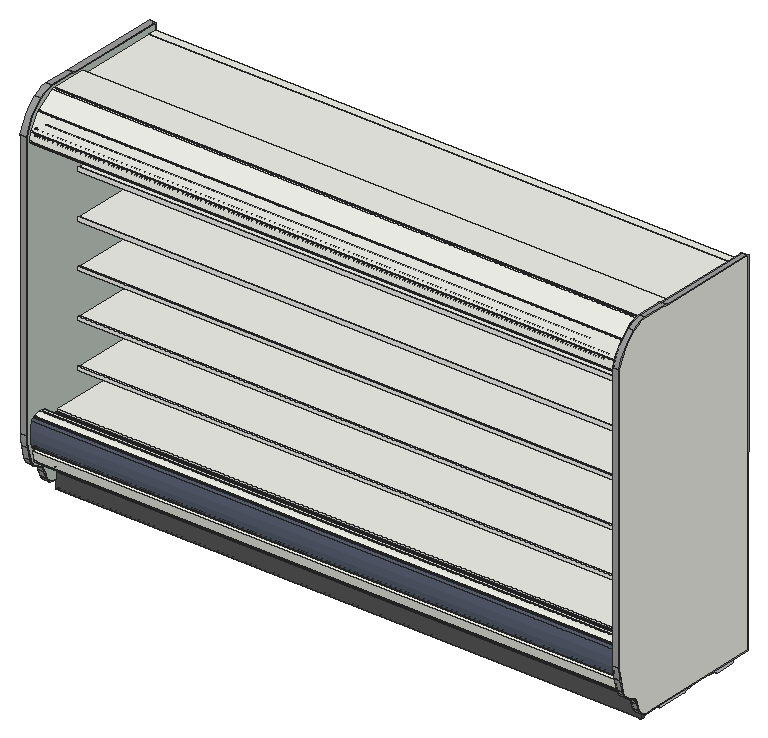
Revit family "ID6NL_2014", category Specialty Equipment, Revit 2014 (continued)
Automatic sketch dimensions
  Extrusion 13 sketch curve to Extrusion 13 sketch curve = 1.03416"
  Extrusion 13 sketch curve to Extrusion 13 sketch curve = 2.36088"
  Extrusion 13 sketch curve to Extrusion 13 sketch curve = 6.50017"
  Extrusion 13 sketch curve to Extrusion 13 sketch curve = 7.70772"
  Extrusion 13 sketch curve to plane 1 "Back" = 0.23467"
  Extrusion 13 sketch curve to Extrusion 13 sketch curve = 1.87939"
  level to Extrusion 14 sketch curve = 1.90797"
  Extrusion 14 sketch curve to Extrusion 14 sketch curve = 0.18999"  (x2)
  plane 5 "Front" to Extrusion 14 sketch curve = 2.00183"
  level to Extrusion 14 sketch curve = 4.5427"
  Extrusion 14 sketch curve to Extrusion 14 sketch curve = 3 1/128"
  plane 5 "Front" to Extrusion 14 sketch curve = 3.27544"
  Extrusion 14 sketch curve to Extrusion 14 sketch curve = 2.45092"
  plane 5 "Front" to Extrusion 14 sketch curve = 2.00677"
  Extrusion 14 sketch curve to Extrusion 14 sketch curve = 0.65926"
  level to Extrusion 14 sketch curve = 8.22719"
  plane 5 "Front" to Extrusion 14 sketch curve = 0.37213"
  Extrusion 14 sketch curve to Extrusion 14 sketch curve = 2.03521"
  Extrusion 14 sketch curve to Extrusion 14 sketch curve = 2.87328"
  Extrusion 14 sketch curve to plane 5 "Front" = 0.44033"
  Extrusion 14 sketch curve to Extrusion 14 sketch curve = 3.03215"
  Extrusion 14 sketch curve to plane 5 "Front" = 0.80622"
  Extrusion 14 sketch curve to Extrusion 14 sketch curve = 2.77926"
  plane 3 "Top" to Extrusion 14 sketch curve = 10.46114"
  plane 3 "Top" to Extrusion 14 sketch curve = 7.63941"
  Extrusion 14 sketch curve to Extrusion 14 sketch curve = 3.25788"
  Extrusion 14 sketch curve to plane 3 "Top" = 0.23799"
  plane 5 "Front" to Extrusion 14 sketch curve = 7.13736"
  Extrusion 14 sketch curve to Extrusion 14 sketch curve = 6.043"
  Extrusion 14 sketch curve to Extrusion 14 sketch curve = 1.08205"
  Extrusion 14 sketch curve to Extrusion 14 sketch curve = 1.03416"
  Extrusion 14 sketch curve to Extrusion 14 sketch curve = 2.36088"
  Extrusion 14 sketch curve to Extrusion 14 sketch curve = 6.50017"
  Extrusion 14 sketch curve to Extrusion 14 sketch curve = 7.70772"
  Extrusion 14 sketch curve to plane 1 "Back" = 0.23467"
  Extrusion 14 sketch curve to Extrusion 14 sketch curve = 1.87939"
  level to Sweep 15 sketch curve = 1.90797"
  Sweep 15 sketch curve to Sweep 15 sketch curve = 0.18999"  (x2)
  plane 5 "Front" to Sweep 15 sketch curve = 2.00183"
  level to Sweep 15 sketch curve = 4.5427"
  Sweep 15 sketch curve to Sweep 15 sketch curve = 3 1/128"
  plane 5 "Front" to Sweep 15 sketch curve = 3.27544"
  Sweep 15 sketch curve to Sweep 15 sketch curve = 2.45092"
  plane 5 "Front" to Sweep 15 sketch curve = 2.00677"
  Sweep 15 sketch curve to Sweep 15 sketch curve = 0.65926"
  level to Sweep 15 sketch curve = 8.22719"
  plane 5 "Front" to Sweep 15 sketch curve = 0.37213"
  Sweep 15 sketch curve to Sweep 15 sketch curve = 2.03521"
  Sweep 15 sketch curve to Sweep 15 sketch curve = 2.87328"
  Sweep 15 sketch curve to plane 5 "Front" = 0.44033"
  Sweep 15 sketch curve to Sweep 15 sketch curve = 3.03215"
  Sweep 15 sketch curve to plane 5 "Front" = 0.80622"
  Sweep 15 sketch curve to Sweep 15 sketch curve = 2.77926"
  plane 3 "Top" to Sweep 15 sketch curve = 10.46114"
  plane 3 "Top" to Sweep 15 sketch curve = 7.63941"
  Sweep 15 sketch curve to Sweep 15 sketch curve = 3.25788"
  Sweep 15 sketch curve to plane 3 "Top" = 0.23799"
  plane 5 "Front" to Sweep 15 sketch curve = 7.13736"
  Sweep 15 sketch curve to Sweep 15 sketch curve = 6.043"
  Sweep 15 sketch curve to Sweep 15 sketch curve = 1.08205"
  Sweep 15 sketch curve to Sweep 15 sketch curve = 1.03416"
  Sweep 15 sketch curve to Sweep 15 sketch curve = 2.36088"
  Sweep 15 sketch curve to Sweep 15 sketch curve = 6.50017"
  Sweep 15 sketch curve to Sweep 15 sketch curve = 7.70772"
  Sweep 15 sketch curve to plane 1 "Back" = 0.23467"
  Sweep 15 sketch curve to Sweep 15 sketch curve = 1.87939"
  Sweep 15 sketch curve to profile plane = 0"
  profile plane to Sweep 15 sketch curve = 1/16"
  Extrusion 1 sketch curve to Extrusion 1 sketch curve = 0"  (x2)
  Extrusion 2 sketch curve to Extrusion 2 sketch curve = 0"
  Extrusion 3 sketch curve to Extrusion 3 sketch curve = 0"
  curve 2 to plane 5 "Front" = 0"
  plane 1 "Back" to curve 2 = 0"
  plane 1 "Back" to curve 1 = 0"
  curve 14 to level = 0"
  plane 5 "Front" to Extrusion 4 sketch curve = 1.06097"
  Extrusion 4 sketch curve to Extrusion 4 sketch curve = 0.11271"
  Extrusion 4 sketch curve to Extrusion 4 sketch curve = 0.25337"
  Extrusion 4 sketch curve to Extrusion 4 sketch curve = 0.03345"
  Extrusion 4 sketch curve to Extrusion 4 sketch curve = 0.04273"
  Extrusion 4 sketch curve to Extrusion 4 sketch curve = 0.04647"
  Extrusion 4 sketch curve to Extrusion 4 sketch curve = 0.19099"
  Extrusion 4 sketch curve to Extrusion 4 sketch curve = 0.11707"
  Extrusion 4 sketch curve to Extrusion 4 sketch curve = 0.39"
  Extrusion 4 sketch curve to Extrusion 4 sketch curve = 0.41566"
  Extrusion 4 sketch curve to Extrusion 4 sketch curve = 0.07603"
  Extrusion 4 sketch curve to Extrusion 4 sketch curve = 0.10509"
  Extrusion 4 sketch curve to Extrusion 4 sketch curve = 0.60728"
  Extrusion 4 sketch curve to Extrusion 4 sketch curve = 0.37865"
  Extrusion 4 sketch curve to Extrusion 4 sketch curve = 0"  (x2)
  plane 5 "Front" to Extrusion 4 sketch curve = 0.44691"
  Extrusion 4 sketch curve to Extrusion 4 sketch curve = 0.22444"
  Extrusion 4 sketch curve to Extrusion 4 sketch curve = 0.86743"
  Extrusion 4 sketch curve to plane 11 = 11.7698"
  Extrusion 4 sketch curve to Extrusion 4 sketch curve = 2.24577"
  Extrusion 4 sketch curve to Extrusion 4 sketch curve = 0.5616"
  Extrusion 4 sketch curve to Extrusion 4 sketch curve = 7.86402"
  Extrusion 9 sketch curve to plane 1 "Back" = 0"
  plane 1 "Back" to Extrusion 9 sketch curve = 1.99786"
  Extrusion 9 sketch curve to Extrusion 9 sketch curve = 0.09943"
  plane 1 "Back" to Extrusion 9 sketch curve = 6.54791"
  Extrusion 9 sketch curve to Extrusion 9 sketch curve = 0.00069"
  Extrusion 9 sketch curve to Extrusion 9 sketch curve = 1.06975"
  Extrusion 9 sketch curve to Extrusion 9 sketch curve = 0.48706"
  Extrusion 9 sketch curve to Extrusion 9 sketch curve = 0.28991"  (x2)
  Extrusion 9 sketch curve to Extrusion 9 sketch curve = 0.12496"  (x5)
  plane 1 "Back" to Extrusion 9 sketch curve = 8.75359"
  Extrusion 9 sketch curve to Extrusion 9 sketch curve = 2.96602"
  Extrusion 9 sketch curve to Extrusion 9 sketch curve = 0.23924"
  Extrusion 9 sketch curve to Extrusion 9 sketch curve = 0.41294"
  Extrusion 9 sketch curve to Extrusion 9 sketch curve = 6.79091"
  Extrusion 9 sketch curve to plane 11 = 8.62857"
  Extrusion 9 sketch curve to Extrusion 9 sketch curve = 1.73595"
  plane 3 "Top" to Extrusion 9 sketch curve = 0.12005"
  plane 5 "Front" to Extrusion 9 sketch curve = 16.22892"
  plane 3 "Top" to Extrusion 9 sketch curve = 4.18374"
  Extrusion 9 sketch curve to Extrusion 9 sketch curve = 2.92056"
  plane 3 "Top" to Extrusion 9 sketch curve = 5.86818"
  Extrusion 9 sketch curve to Extrusion 9 sketch curve = 0.0147"
  Extrusion 9 sketch curve to Extrusion 9 sketch curve = 1.24916"
  plane 5 "Front" to Extrusion 9 sketch curve = 8 1/2"
  Extrusion 9 sketch curve to Extrusion 9 sketch curve = 3.62689"
  plane 3 "Top" to Extrusion 9 sketch curve = 3.60558"
  Extrusion 9 sketch curve to Extrusion 9 sketch curve = 0.03928"
  Extrusion 9 sketch curve to Extrusion 9 sketch curve = 0.10997"
  Extrusion 9 sketch curve to Extrusion 9 sketch curve = 0.83066"
  Extrusion 9 sketch curve to Extrusion 9 sketch curve = 1.02531"
  Extrusion 9 sketch curve to Extrusion 9 sketch curve = 0.11384"
  Extrusion 9 sketch curve to Extrusion 9 sketch curve = 0.24437"
  Extrusion 9 sketch curve to Extrusion 9 sketch curve = 0.04406"
  Extrusion 9 sketch curve to Extrusion 9 sketch curve = 0.0236"  (x2)
  Extrusion 9 sketch curve to Extrusion 9 sketch curve = 0.10114"
  plane 3 "Top" to Extrusion 9 sketch curve = 0.20318"
  Extrusion 9 sketch curve to Extrusion 9 sketch curve = 0.27608"
  plane 5 "Front" to Extrusion 9 sketch curve = 6.60093"
  Extrusion 9 sketch curve to Extrusion 9 sketch curve = 2.60127"
  Extrusion 9 sketch curve to Extrusion 9 sketch curve = 1.06233"
  Extrusion 9 sketch curve to Extrusion 9 sketch curve = 0.25591"
  Extrusion 9 sketch curve to Extrusion 9 sketch curve = 0.08032"
  Extrusion 9 sketch curve to Extrusion 9 sketch curve = 1.15407"
  Extrusion 9 sketch curve to Extrusion 9 sketch curve = 0.11053"
  Extrusion 9 sketch curve to Extrusion 9 sketch curve = 0.15808"
  Extrusion 9 sketch curve to Extrusion 9 sketch curve = 0"  (x5)
  Extrusion 9 sketch curve to Extrusion 9 sketch curve = 0.02062"
  Extrusion 9 sketch curve to Extrusion 9 sketch curve = 0.05035"
  Extrusion 9 sketch curve to Extrusion 9 sketch curve = 0.5626"
  Extrusion 9 sketch curve to Extrusion 9 sketch curve = 0.92885"
  Extrusion 9 sketch curve to Extrusion 9 sketch curve = 0.03986"
  Extrusion 9 sketch curve to Extrusion 9 sketch curve = 0.01049"  (x2)
  Extrusion 9 sketch curve to Extrusion 9 sketch curve = 0.63304"
  Extrusion 9 sketch curve to Extrusion 9 sketch curve = 0.91399"
  Extrusion 9 sketch curve to Extrusion 9 sketch curve = 0.12194"
  Extrusion 9 sketch curve to Extrusion 9 sketch curve = 2.5371"
  plane 5 "Front" to Extrusion 9 sketch curve = 2.65027"
  Extrusion 9 sketch curve to Extrusion 9 sketch curve = 0.02649"
  Extrusion 9 sketch curve to Extrusion 9 sketch curve = 0.08899"
  Extrusion 9 sketch curve to Extrusion 9 sketch curve = 0.00595"
  Extrusion 9 sketch curve to Extrusion 9 sketch curve = 0.14678"
  Extrusion 9 sketch curve to Extrusion 9 sketch curve = 1.50803"
  Extrusion 9 sketch curve to Extrusion 9 sketch curve = 0.43737"
  Extrusion 9 sketch curve to Extrusion 9 sketch curve = 0.06247"  (x2)
  Extrusion 9 sketch curve to Extrusion 9 sketch curve = 1/16"  (x3)
  plane 5 "Front" to Extrusion 9 sketch curve = 1.57028"
  Extrusion 9 sketch curve to Extrusion 9 sketch curve = 0.25051"
  plane 5 "Front" to Extrusion 9 sketch curve = 1.50534"
  Extrusion 9 sketch curve to Extrusion 9 sketch curve = 0.07553"
  Extrusion 9 sketch curve to Extrusion 9 sketch curve = 0.06207"
  Extrusion 9 sketch curve to Extrusion 9 sketch curve = 0.07892"
  Extrusion 9 sketch curve to Extrusion 9 sketch curve = 0.04253"
  Extrusion 9 sketch curve to Extrusion 9 sketch curve = 0.14277"
  Extrusion 9 sketch curve to Extrusion 9 sketch curve = 0.0782"
  Extrusion 9 sketch curve to Extrusion 9 sketch curve = 0.04117"
  Extrusion 9 sketch curve to Extrusion 9 sketch curve = 0.1844"
  Extrusion 9 sketch curve to Extrusion 9 sketch curve = 0.04004"
  Extrusion 9 sketch curve to Extrusion 9 sketch curve = 0.04946"
  Extrusion 9 sketch curve to Extrusion 9 sketch curve = 0.04998"
  Extrusion 9 sketch curve to Extrusion 9 sketch curve = 0.1058"
  Extrusion 9 sketch curve to Extrusion 9 sketch curve = 0.03757"  (x2)
  Extrusion 9 sketch curve to Extrusion 9 sketch curve = 0.10638"
  Extrusion 9 sketch curve to Extrusion 9 sketch curve = 0.03407"  (x2)
  Extrusion 9 sketch curve to Extrusion 9 sketch curve = 0.11431"
  Extrusion 9 sketch curve to Extrusion 9 sketch curve = 0.03433"
  Extrusion 9 sketch curve to Extrusion 9 sketch curve = 0.38812"
  Extrusion 9 sketch curve to Extrusion 9 sketch curve = 0.05107"
  Extrusion 9 sketch curve to Extrusion 9 sketch curve = 0.169"
  Extrusion 9 sketch curve to Extrusion 9 sketch curve = 67/128"
  Extrusion 9 sketch curve to Extrusion 9 sketch curve = 0.13654"
  Extrusion 9 sketch curve to Extrusion 9 sketch curve = 0.47025"
  Extrusion 9 sketch curve to Extrusion 9 sketch curve = 0.01069"
  Extrusion 9 sketch curve to Extrusion 9 sketch curve = 0.08458"  (x2)
  plane 5 "Front" to Extrusion 9 sketch curve = 0.5069"
  plane 5 "Front" to Extrusion 9 sketch curve = 0.4215"
  plane 5 "Front" to Extrusion 9 sketch curve = 0.2895"
  Extrusion 9 sketch curve to Extrusion 9 sketch curve = 0.17625"
  Extrusion 9 sketch curve to Extrusion 9 sketch curve = 0.02626"
  Extrusion 9 sketch curve to Extrusion 9 sketch curve = 0.09358"  (x3)
  Extrusion 9 sketch curve to plane 5 "Front" = 0.08748"
  Extrusion 9 sketch curve to Extrusion 9 sketch curve = 0.02841"
  Extrusion 9 sketch curve to Extrusion 9 sketch curve = 2.59172"
  Extrusion 9 sketch curve to plane 11 = 8.67663"
  Extrusion 9 sketch curve to plane 11 = 10.6736"
  Extrusion 9 sketch curve to Extrusion 9 sketch curve = 0.18732"
  Extrusion 9 sketch curve to Extrusion 9 sketch curve = 0.00967"
  Extrusion 9 sketch curve to Extrusion 9 sketch curve = 0.40753"
  Extrusion 9 sketch curve to Extrusion 9 sketch curve = 0.38497"
  Extrusion 9 sketch curve to Extrusion 9 sketch curve = 0.04383"
  Extrusion 9 sketch curve to Extrusion 9 sketch curve = 0.26265"
  Extrusion 9 sketch curve to Extrusion 9 sketch curve = 0.31163"
  Extrusion 9 sketch curve to Extrusion 9 sketch curve = 0.05841"
  Extrusion 9 sketch curve to Extrusion 9 sketch curve = 0.13665"
  Extrusion 9 sketch curve to Extrusion 9 sketch curve = 0.03296"
  Extrusion 9 sketch curve to Extrusion 9 sketch curve = 5.10863"
  Extrusion 9 sketch curve to Extrusion 9 sketch curve = 2.44443"
  Extrusion 9 sketch curve to Extrusion 9 sketch curve = 0.0416"
  Extrusion 9 sketch curve to Extrusion 9 sketch curve = 0.44472"
  level to Extrusion 9 sketch curve = 5.52638"
  Extrusion 9 sketch curve to Extrusion 9 sketch curve = 0.39928"
  Extrusion 9 sketch curve to Extrusion 9 sketch curve = 0.24992"
  Extrusion 9 sketch curve to Extrusion 9 sketch curve = 0.15995"
  Extrusion 9 sketch curve to Extrusion 9 sketch curve = 3.54749"
  Extrusion 9 sketch curve to Extrusion 9 sketch curve = 0.7241"
  Extrusion 9 sketch curve to Extrusion 9 sketch curve = 1.00012"
  Extrusion 9 sketch curve to Extrusion 9 sketch curve = 1.06415"
  Extrusion 9 sketch curve to Extrusion 9 sketch curve = 0.92085"
  Extrusion 9 sketch curve to Extrusion 9 sketch curve = 0.01203"
  Extrusion 9 sketch curve to Extrusion 9 sketch curve = 2.17546"
  Extrusion 9 sketch curve to Extrusion 9 sketch curve = 0.37865"
  Extrusion 9 sketch curve to Extrusion 9 sketch curve = 0.0641"
  Extrusion 9 sketch curve to Extrusion 9 sketch curve = 0.00727"
  Extrusion 9 sketch curve to Extrusion 9 sketch curve = 0.90904"
  Extrusion 9 sketch curve to Extrusion 9 sketch curve = 0.05145"
  Extrusion 9 sketch curve to Extrusion 9 sketch curve = 0.13468"
  Extrusion 9 sketch curve to Extrusion 9 sketch curve = 0.02083"
  Extrusion 9 sketch curve to Extrusion 9 sketch curve = 0.07122"
  plane 3 "Top" to Extrusion 9 sketch curve = 9.42589"
  Extrusion 9 sketch curve to Extrusion 9 sketch curve = 0.16747"
  Extrusion 9 sketch curve to Extrusion 9 sketch curve = 0.03298"
  Extrusion 9 sketch curve to Extrusion 9 sketch curve = 0.04215"
  Extrusion 9 sketch curve to Extrusion 9 sketch curve = 0.12555"
  Extrusion 9 sketch curve to Extrusion 9 sketch curve = 0.42605"
  Extrusion 9 sketch curve to Extrusion 9 sketch curve = 0.0828"
  Extrusion 9 sketch curve to Extrusion 9 sketch curve = 0.47365"
  Extrusion 9 sketch curve to Extrusion 9 sketch curve = 0.38179"
  Extrusion 9 sketch curve to Extrusion 9 sketch curve = 0.04661"
  Extrusion 9 sketch curve to Extrusion 9 sketch curve = 0.21955"
  Extrusion 9 sketch curve to Extrusion 9 sketch curve = 0.50364"
  Extrusion 9 sketch curve to Extrusion 9 sketch curve = 0.28134"
  Extrusion 9 sketch curve to Extrusion 9 sketch curve = 0.04648"
  Extrusion 9 sketch curve to Extrusion 9 sketch curve = 0.1387"
  Extrusion 9 sketch curve to Extrusion 9 sketch curve = 0.17663"
  Extrusion 9 sketch curve to Extrusion 9 sketch curve = 0.16246"
  Extrusion 9 sketch curve to Extrusion 9 sketch curve = 0.04493"
  Extrusion 9 sketch curve to Extrusion 9 sketch curve = 0.21669"
  Extrusion 9 sketch curve to Extrusion 9 sketch curve = 0.24947"
  Extrusion 9 sketch curve to Extrusion 9 sketch curve = 0.27443"
  Extrusion 9 sketch curve to Extrusion 9 sketch curve = 0.00008"
  Extrusion 9 sketch curve to Extrusion 9 sketch curve = 0.77611"
  Extrusion 9 sketch curve to Extrusion 9 sketch curve = 0.28213"
  Extrusion 9 sketch curve to Extrusion 9 sketch curve = 0.01213"
  Extrusion 9 sketch curve to Extrusion 9 sketch curve = 3.26984"
  Extrusion 9 sketch curve to Extrusion 9 sketch curve = 0.05994"
  Extrusion 9 sketch curve to Extrusion 9 sketch curve = 0.0911"
  Extrusion 9 sketch curve to Extrusion 9 sketch curve = 0.00974"
  Extrusion 9 sketch curve to Extrusion 9 sketch curve = 0.04"
  Extrusion 9 sketch curve to Extrusion 9 sketch curve = 1.47242"
  plane 3 "Top" to Extrusion 9 sketch curve = 1.24239"
  Extrusion 9 sketch curve to Extrusion 9 sketch curve = 1.10489"
  level to Extrusion 9 sketch curve = 5.48308"
  Extrusion 9 sketch curve to Extrusion 9 sketch curve = 0.00345"  (x2)
  Extrusion 9 sketch curve to Extrusion 9 sketch curve = 0.00109"  (x2)
  Extrusion 9 sketch curve to Extrusion 9 sketch curve = 0.05098"
  Extrusion 9 sketch curve to Extrusion 9 sketch curve = 0.00172"
  Extrusion 9 sketch curve to Extrusion 9 sketch curve = 0.00559"
  Extrusion 9 sketch curve to Extrusion 9 sketch curve = 0.02095"
  Extrusion 9 sketch curve to Extrusion 9 sketch curve = 0.10668"
  Extrusion 9 sketch curve to Extrusion 9 sketch curve = 0.0442"
  Extrusion 9 sketch curve to Extrusion 9 sketch curve = 0.06198"
  Extrusion 9 sketch curve to Extrusion 9 sketch curve = 0.04382"
  Extrusion 9 sketch curve to Extrusion 9 sketch curve = 0.01343"
  Extrusion 9 sketch curve to Extrusion 9 sketch curve = 0.02373"
  Extrusion 9 sketch curve to Extrusion 9 sketch curve = 0.02374"
  Extrusion 9 sketch curve to Extrusion 9 sketch curve = 0.23297"
  plane 5 "Front" to Extrusion 6 sketch curve = 8.05013"
  plane 5 "Front" to Extrusion 16 sketch curve = 7.51191"
  Extrusion 16 sketch curve to Extrusion 16 sketch curve = 0.02497"
  Extrusion 16 sketch curve to Extrusion 16 sketch curve = 0.03495"  (x2)
  Extrusion 16 sketch curve to Extrusion 16 sketch curve = 0.01498"  (x2)
  level to Extrusion 16 sketch curve = 4.57538"
  Extrusion 16 sketch curve to Extrusion 16 sketch curve = 0.00999"
  Extrusion 16 sketch curve to Extrusion 16 sketch curve = 0.00865"  (x2)
  Extrusion 16 sketch curve to Extrusion 16 sketch curve = 0.58691"
  Extrusion 16 sketch curve to Extrusion 16 sketch curve = 0.65722"
  Extrusion 16 sketch curve to Extrusion 16 sketch curve = 0.9866"
  level to Extrusion 16 sketch curve = 2.13814"
Nested families (in)
  nested 1: "Floor Support-Skid-ID5ML" at (16.91797, 0, 0), visible <- "Supports", type "Floor Support-Skid"
  nested 2: "Floor Support-Skid-ID5ML" at (-31.08203, 0, 0), visible <- "Supports", type "Floor Support-Skid"
  nested 3: "Floor Support-Side Skid-ID5ML" at (-79.33203, 0, 0), type "Floor Support-Side Skid"
  nested 4: "Floor Support-Side Skid-ID5ML" at (69.21806, 0, 0) x (-1, 0, 0) z (0, 0, 1), type "Floor Support-Side Skid"
  nested 5: "Shelf" at (0, -7.90747, 19.25), visible <- "Shelf", type "Shelf"
    with Width 144 1/2", Depth 16"
  nested 6: "Shelf" at (0, -7.90747, 63.25), visible <- "Shelf", type "Shelf"
    with Width 144 1/2", Depth 16"
  nested 7: "Shelf" at (0, -7.90747, 30.25), visible <- "Shelf", type "Shelf"
    with Width 144 1/2", Depth 16"
  nested 8: "Shelf" at (0, -7.90747, 41.25), visible <- "Shelf", type "Shelf"
    with Width 144 1/2", Depth 16"
  nested 9: "Floor Support-Skid-ID5ML" at (-7.08203, 0, 0), visible <- "Center Support 2", type "Floor Support-Skid"
  nested 10: "Light" at (-5.05699, -21.22867, 29.1497), type "Light"
  nested 11: "Light" at (-5.05699, -14.29946, 15.25), visible <- "Shelf Lights", type "Light"
  nested 12: "Light" at (-5.05699, -14.29946, -6.75), visible <- "Shelf Lights", type "Light"
  nested 13: "Light" at (-5.05699, -14.29946, -17.75), visible <- "Shelf Lights", type "Light"
  nested 14: "Light" at (-5.05699, -14.29946, -28.75), visible <- "Shelf Lights", type "Light"
  nested 15: "Floor Support-Skid-ID5ML" at (-7.08203, 0, 0), visible <- "Center Support 1", type "Floor Support-Skid"
  nested 16: "Shelf" at (0, -7.90747, 52.25), visible <- "Shelf", type "Shelf"
    with Width 144 1/2", Depth 16"
  nested 17: "Light" at (-5.05699, -14.29946, 4.25), visible <- "Shelf Lights", type "Light"
Connectors (in)
  piping at (-4.80699, -28.63243, 0), diameter 1.25, driven by "Waste Drain"
    settings: on Extrusion 1, index 8, connector inside diameter 1 1/4", connector length 0", flow factor 0, pipe flow 0 GPM, pressure drop 0.00 psi, fitting loss kfactor 0, connector angle 0.00°, fixture units 0, engagement length 0", angle of deflection 0.00°, flow configuration 0, flow direction 0, fitting loss method 0, system type 16, joint type 0, gender type 0, connector reference index -1, connector utility 0, adjustable connector no, is connector primary yes, connector description "1 1/4\""
  piping at (57.88875, -23.8707, 0), diameter 0.875, driven by "Refrig. Suction", driven by "Refrigeration Lines Suction"
    settings: on Extrusion 2, index 9, connector inside diameter 7/8", connector length 0", flow factor 0, pipe flow 0 GPM, pressure drop 0.00 psi, fitting loss kfactor 0, connector angle 0.00°, fixture units 0, engagement length 0", angle of deflection 0.00°, flow configuration 0, flow direction 2, fitting loss method 0, system type 22, joint type 0, gender type 0, connector reference index -1, connector utility 0, adjustable connector no, is connector primary no, connector description "Suction"
  piping at (58.51375, -23.8707, 0), diameter 0.375, driven by "Refrig. Liquid", driven by "Refrigeration Lines Liquid"
    settings: on Extrusion 3, index 10, connector inside diameter 3/8", connector length 0", flow factor 0, pipe flow 0 GPM, pressure drop 0.00 psi, fitting loss kfactor 0, connector angle 0.00°, fixture units 0, engagement length 0", angle of deflection 0.00°, flow configuration 0, flow direction 1, fitting loss method 0, system type 22, joint type 0, gender type 0, connector reference index -1, connector utility 0, adjustable connector no, is connector primary no, connector description "Liquid"
Definition of nested family "Floor Support-Skid-ID5ML"
  Parameters (values of type "Floor Support-Skid")
    Width = 8 69/128"
    URL = "www.hussmann.com"
    Type Comments = ""
    Revit Family Date = "11/19/2015"  # constant formula
    Model = ""
    Manufacturer = "Hussmann Corporation"
    Height = 10.26407"
    Floor Support = none
    Description = ""
    Depth = 30 1/8"
    Assembly Code = ""
    Accessories/Options = ""
  Reference planes (in)
    plane 1 "Back": y = 0
    plane 2 "Bottom": z = 0
    plane 3 "Left": x = -2.24449
    plane 4 "Right": x = 6.29458
    plane 5 "Center (Left/Right)": x = 2.02504
    plane 6 "Top": z = 10.07234
    plane 7 "Front": y = -30.125
  Forms (in)
    Extrusion 1, solid, material <- "Floor Support"
      sketch origin (0, 0, 0) x (1, 0, 0) y (0, 1, 0)
        loop
          arc (-1.84856, -24.01209) -> (-1.76638, -24.40887) -> (-1.53436, -24.74108) r 1.0063
          arc (-1.53436, -24.74108) -> (-1.06022, -25.04419) -> (-0.50754, -25.15025) r 1.49298
          line (-0.50754, -25.15025) -> (0.83286, -25.15025) -> (0.83286, -29.96975) -> (0.98811, -29.96975) -> (0.98811, -30.125) -> (3.06198, -30.125) -> (3.06198, -29.96975) -> (3.21723, -29.96975) -> (3.21723, -25.15025) -> (4.55763, -25.15025)
          arc (4.55763, -25.15025) -> (5.1103, -25.04419) -> (5.58445, -24.74108) r 1.49298
          arc (5.58445, -24.74108) -> (5.81647, -24.40887) -> (5.89865, -24.01209) r 1.0063
          line (5.89865, -24.01209) -> (5.89865, -8.43365) -> (6.27216, -0.41124)
          spline (6.27216, -0.41124) -> (6.27201, -0.40316) -> (6.2708, -0.39521) -> (6.26855, -0.38753) -> (6.26531, -0.38026) -> (6.26113, -0.37352) -> (6.25607, -0.36743) -> (6.25023, -0.36209) -> (6.24371, -0.35759) -> (6.23662, -0.354) -> (6.22907, -0.3514) -> (6.2212, -0.34982) -> (6.21314, -0.34929)
          line (6.21314, -0.34929) -> (5.59528, -0.34929)
          spline (5.59528, -0.34929) -> (5.58653, -0.34975) -> (5.57786, -0.34899) -> (5.56944, -0.34701) -> (5.56144, -0.34384) -> (5.55402, -0.33957) -> (5.54733, -0.33426) -> (5.54149, -0.32802) -> (5.53664, -0.32099) -> (5.53285, -0.31329) -> (5.53021, -0.30508) -> (5.52877, -0.29653) -> (5.52856, -0.28781)
          line (5.52856, -0.28781) -> (5.53324, -0.18715)
          spline (5.53324, -0.18715) -> (5.53278, -0.16271) -> (5.52913, -0.1387) -> (5.52236, -0.11552) -> (5.51259, -0.09356) -> (5.49997, -0.07321) -> (5.48474, -0.0548) -> (5.46713, -0.03866) -> (5.44747, -0.02507) -> (5.42607, -0.01424) -> (5.40332, -0.00638) -> (5.37959, -0.0016) -> (5.3553, 0.00121)
          line (5.3553, 0.00121) -> (-1.30521, 0)
          spline (-1.30521, 0) -> (-1.3295, -0.0016) -> (-1.35323, -0.00638) -> (-1.37598, -0.01424) -> (-1.39738, -0.02507) -> (-1.41704, -0.03866) -> (-1.43465, -0.0548) -> (-1.44988, -0.07321) -> (-1.4625, -0.09356) -> (-1.47227, -0.11552) -> (-1.47904, -0.1387) -> (-1.48269, -0.16271) -> (-1.48315, -0.18715)
          line (-1.48315, -0.18715) -> (-1.47846, -0.28781)
          spline (-1.47846, -0.28781) -> (-1.47861, -0.2959) -> (-1.47982, -0.30386) -> (-1.48207, -0.31153) -> (-1.48531, -0.3188) -> (-1.4895, -0.32554) -> (-1.49456, -0.33163) -> (-1.5004, -0.33698) -> (-1.50692, -0.34148) -> (-1.51402, -0.34506) -> (-1.52157, -0.34766) -> (-1.52944, -0.34924) -> (-1.5375, -0.34976)
          line (-1.5375, -0.34976) -> (-2.15535, -0.34976)
          spline (-2.15535, -0.34976) -> (-2.1641, -0.34929) -> (-2.17277, -0.35006) -> (-2.18119, -0.35204) -> (-2.18919, -0.3552) -> (-2.19661, -0.35948) -> (-2.2033, -0.36479) -> (-2.20914, -0.37103) -> (-2.214, -0.37806) -> (-2.21778, -0.38576) -> (-2.22042, -0.39397) -> (-2.22186, -0.40252) -> (-2.22207, -0.41124)
          line (-2.22207, -0.41124) -> (-1.84856, -8.43365) -> (-1.84856, -24.01209)
      from 0 to 10.07234
    Extrusion 2, void
      sketch origin (2.02504, 0, 0) x (0, 1, 0) y (0, 0, 1)
        loop
          line (-27.08416, 3.5472) -> (-27.13117, 4.08456)
          arc (-27.13117, 4.08456) -> (-27.16151, 4.17154) -> (-27.22961, 4.23357) r 0.18744
          line (-27.22961, 4.23357) -> (-29.46436, 5.42681) -> (-29.7666, 5.42681) -> (-30.125, 5.42681) -> (-30.125, 1.11195) -> (-27.98051, 2.76917) -> (-27.01609, 2.76917) -> (-27.05014, 3.15832) -> (-27.08416, 3.5472)
        loop
          line (-0.26803, 10.07234) -> (-30.125, 10.07234) -> (-30.125, 5.56429) -> (-8.75359, 5.56429) -> (-0.26803, 10.07234)
        loop
          arc (-7.78564, 0.25454) -> (-12.46182, 0.73178) -> (-17.138, 0.25454) r 23.14851
          arc (-17.138, 0.25454) -> (-17.18699, 0.23672) -> (-17.22881, 0.20559) r 0.17979
          line (-17.22881, 0.20559) -> (-17.3429, 0.0915)
          arc (-17.3429, 0.0915) -> (-17.44425, 0.02378) -> (-17.5638, 0) r 0.3124
          line (-17.5638, 0) -> (-7.35983, 0)
          arc (-7.35983, 0) -> (-7.47938, 0.02378) -> (-7.58074, 0.0915) r 0.3124
          line (-7.58074, 0.0915) -> (-7.69482, 0.20559)
          arc (-7.69482, 0.20559) -> (-7.73664, 0.23672) -> (-7.78564, 0.25454) r 0.17979
        loop
          arc (-2.66732, 0.30646) -> (-2.76056, 0.08944) -> (-2.97918, 0) r 0.3119
          line (-2.97918, 0) -> (0, 0) -> (0, 6.57447) -> (-2.54968, 4.02442)
          arc (-2.54968, 4.02442) -> (-2.58978, 3.96496) -> (-2.60469, 3.89481) r 0.18794
          line (-2.60469, 3.89481) -> (-2.60897, 3.6497) -> (-2.6115, 3.50443) -> (-2.61572, 3.26291) -> (-2.61988, 3.02455) -> (-2.66732, 0.30646)
      from -5.0404 to 5.77104
  Cuts and joins
    Extrusion 2 cuts Extrusion 1
  Dimensions and locks (in)
    equal spacing: plane 3 "Left", plane 5 "Center (Left/Right)", plane 4 "Right"
    "Width": plane 3 "Left" to plane 4 "Right"
    "Depth": plane 7 "Front" to plane 1 "Back"
    Extrusion 1 sketch curve to plane 1 "Back" = 30 1/8"
    aligned and locked: Extrusion 1 to plane 6 "Top"
    aligned and locked: Extrusion 1 to level
  Automatic sketch dimensions
    plane 1 "Back" to Extrusion 1 sketch curve = 0"  (x2)
    plane 3 "Left" to Extrusion 1 sketch curve = 0.02241"
    plane 3 "Left" to Extrusion 1 sketch curve = 0.08913"
    plane 3 "Left" to Extrusion 1 sketch curve = 0.39592"
    Extrusion 1 sketch curve to Extrusion 1 sketch curve = 0.61785"
    plane 1 "Back" to Extrusion 1 sketch curve = 0.18715"  (x2)
    Extrusion 1 sketch curve to Extrusion 1 sketch curve = 0.05436"
    Extrusion 1 sketch curve to Extrusion 1 sketch curve = 0.05904"
    Extrusion 1 sketch curve to Extrusion 1 sketch curve = 1.0063"
    Extrusion 1 sketch curve to Extrusion 1 sketch curve = 0.33472"  (x2)
    plane 7 "Front" to Extrusion 1 sketch curve = 0.15525"
    Extrusion 1 sketch curve to plane 5 "Center (Left/Right)" = 1.19219"
    Extrusion 1 sketch curve to Extrusion 1 sketch curve = 0.15525"  (x2)
    plane 5 "Center (Left/Right)" to Extrusion 1 sketch curve = 1.03693"
    plane 5 "Center (Left/Right)" to Extrusion 1 sketch curve = 1.19219"
    Extrusion 1 sketch curve to Extrusion 1 sketch curve = 1.3404"
    plane 1 "Back" to Extrusion 1 sketch curve = 0.28781"
    Extrusion 1 sketch curve to plane 4 "Right" = 0.76602"
    Extrusion 1 sketch curve to Extrusion 1 sketch curve = 0.00468"
    Extrusion 1 sketch curve to Extrusion 1 sketch curve = 0.06672"
    Extrusion 1 sketch curve to plane 4 "Right" = 0.39592"
    Extrusion 1 sketch curve to plane 4 "Right" = 0.08143"
    Extrusion 1 sketch curve to plane 4 "Right" = 0.02241"
    plane 7 "Front" to Extrusion 1 sketch curve = 4.97475"
    Extrusion 1 sketch curve to Extrusion 1 sketch curve = 0"  (x4)
    Extrusion 1 sketch curve to Extrusion 1 sketch curve = 1.13817"  (x2)
    Extrusion 1 sketch curve to Extrusion 1 sketch curve = 0.00152"  (x2)
    Extrusion 1 sketch curve to Extrusion 1 sketch curve = 0.35329"  (x2)
    Extrusion 1 sketch curve to Extrusion 1 sketch curve = 8.2465"
    plane 1 "Back" to Extrusion 1 sketch curve = 0.41124"  (x2)
    Extrusion 1 sketch curve to Extrusion 1 sketch curve = 0.06148"  (x2)
    Extrusion 1 sketch curve to Extrusion 1 sketch curve = 0.06195"  (x3)
    Extrusion 1 sketch curve to Extrusion 1 sketch curve = 0.00477"  (x2)
    Extrusion 1 sketch curve to Extrusion 1 sketch curve = 0.04498"  (x2)
    Extrusion 1 sketch curve to Extrusion 1 sketch curve = 0.10693"
    Extrusion 1 sketch curve to plane 1 "Back" = 0.00121"
    Extrusion 1 sketch curve to Extrusion 1 sketch curve = 0.17794"
    Extrusion 1 sketch curve to Extrusion 1 sketch curve = 0.18684"  (x2)
    Extrusion 1 sketch curve to Extrusion 1 sketch curve = 0.13319"
    Extrusion 1 sketch curve to Extrusion 1 sketch curve = 0.31536"
    Extrusion 1 sketch curve to Extrusion 1 sketch curve = 0.00891"
    Extrusion 1 sketch curve to Extrusion 1 sketch curve = 0.10692"
    plane 7 "Front" to Extrusion 2 sketch curve = 3.04084"
    level to Extrusion 2 sketch curve = 3.5472"
    Extrusion 2 sketch curve to Extrusion 2 sketch curve = 0.04701"
    Extrusion 2 sketch curve to Extrusion 2 sketch curve = 0.03402"
    Extrusion 2 sketch curve to Extrusion 2 sketch curve = 0.38888"
    Extrusion 2 sketch curve to Extrusion 2 sketch curve = 0.53736"
    Extrusion 2 sketch curve to Extrusion 2 sketch curve = 0.03405"
    Extrusion 2 sketch curve to Extrusion 2 sketch curve = 0.38915"
    Extrusion 2 sketch curve to Extrusion 2 sketch curve = 0.18673"
    Extrusion 2 sketch curve to Extrusion 2 sketch curve = 0.01634"
    Extrusion 2 sketch curve to Extrusion 2 sketch curve = 0.09844"
    plane 7 "Front" to Extrusion 2 sketch curve = 0.66064"
    Extrusion 2 sketch curve to Extrusion 2 sketch curve = 1.19324"
    Extrusion 2 sketch curve to Extrusion 2 sketch curve = 0.30224"
    Extrusion 2 sketch curve to Extrusion 2 sketch curve = 0.96442"
    Extrusion 2 sketch curve to plane 7 "Front" = 0"
    level to Extrusion 2 sketch curve = 1.11195"
    plane 6 "Top" to Extrusion 2 sketch curve = 0"
    plane 7 "Front" to Extrusion 2 sketch curve = 0"
    plane 1 "Back" to Extrusion 2 sketch curve = 8.75359"
    plane 1 "Back" to Extrusion 2 sketch curve = 0.26803"
    Extrusion 2 sketch curve to Extrusion 2 sketch curve = 0.13748"
    level to Extrusion 2 sketch curve = 0.3124"  (x2)
    Extrusion 2 sketch curve to Extrusion 2 sketch curve = 9.45229"
    level to Extrusion 2 sketch curve = 0.0915"  (x2)
    plane 1 "Back" to Extrusion 2 sketch curve = 12.46182"
    Extrusion 2 sketch curve to level = 22.41674"
    level to Extrusion 2 sketch curve = 0.20559"
    Extrusion 2 sketch curve to Extrusion 2 sketch curve = 0.11409"  (x2)
    Extrusion 2 sketch curve to Extrusion 2 sketch curve = 0.09081"  (x2)
    level to Extrusion 2 sketch curve = 0.25454"
    Extrusion 2 sketch curve to Extrusion 2 sketch curve = 0.96796"
    level to Extrusion 2 sketch curve = 0.07846"  (x2)
    plane 7 "Front" to Extrusion 2 sketch curve = 12.5612"
    plane 1 "Back" to Extrusion 2 sketch curve = 7.35983"
    Extrusion 2 sketch curve to level = 0"  (x5)
    Extrusion 2 sketch curve to Extrusion 2 sketch curve = 0"
    plane 1 "Back" to Extrusion 2 sketch curve = 2.6115"
    Extrusion 2 sketch curve to Extrusion 2 sketch curve = 0.00254"
    Extrusion 2 sketch curve to Extrusion 2 sketch curve = 0.14527"
    level to Extrusion 2 sketch curve = 0.30646"
    plane 1 "Back" to Extrusion 2 sketch curve = 2.66732"
    Extrusion 2 sketch curve to Extrusion 2 sketch curve = 0.00838"
    Extrusion 2 sketch curve to Extrusion 2 sketch curve = 0.00416"
    Extrusion 2 sketch curve to Extrusion 2 sketch curve = 0.00428"
    Extrusion 2 sketch curve to Extrusion 2 sketch curve = 0.05501"
    Extrusion 2 sketch curve to Extrusion 2 sketch curve = 0.47988"
    Extrusion 2 sketch curve to Extrusion 2 sketch curve = 0.23837"
    Extrusion 2 sketch curve to Extrusion 2 sketch curve = 0.24511"
    Extrusion 2 sketch curve to Extrusion 2 sketch curve = 0.12961"
    Extrusion 2 sketch curve to Extrusion 2 sketch curve = 2.55005"
    Extrusion 2 sketch curve to Extrusion 2 sketch curve = 0.18791"
    level to Extrusion 2 sketch curve = 0.3119"
    plane 7 "Front" to Extrusion 2 sketch curve = 27.14582"
    plane 6 "Top" to Extrusion 2 sketch curve = 3.49787"
    Extrusion 2 sketch curve to plane 1 "Back" = 0"
Definition of nested family "Floor Support-Side Skid-ID5ML"
  Parameters (values of type "Floor Support-Skid")
    Width = 8 69/128"
    URL = "www.hussmann.com"
    Type Comments = ""
    Revit Family Date = "11/19/2015"  # constant formula
    Model = ""
    Manufacturer = "Hussmann Corporation"
    Height = 10.26407"
    Floor Support = none
    Description = ""
    Depth = 30 1/8"
    Assembly Code = ""
    Accessories/Options = ""
  Reference planes (in)
    plane 1 "Back": y = 0
    plane 2 "Bottom": z = 0
    plane 3 "Right": x = 6.29458
    plane 4 "Center (Left/Right)": x = 2.02504
    plane 5 "Top": z = 10.07234
    plane 6 "Front": y = -30.125
  Forms (in)
    Extrusion 1, solid, material <- "Floor Support"
      sketch origin (0, 0, 0) x (1, 0, 0) y (0, 1, 0)
        loop
          line (6.22969, -0.34929) -> (5.59528, -0.34929)
          spline (5.59528, -0.34929) -> (5.58653, -0.34975) -> (5.57786, -0.34899) -> (5.56944, -0.34701) -> (5.56144, -0.34384) -> (5.55402, -0.33957) -> (5.54733, -0.33426) -> (5.54149, -0.32802) -> (5.53664, -0.32099) -> (5.53285, -0.31329) -> (5.53021, -0.30508) -> (5.52877, -0.29653) -> (5.52856, -0.28781)
          line (5.52856, -0.28781) -> (5.53324, -0.18715)
          spline (5.53324, -0.18715) -> (5.53278, -0.16271) -> (5.52913, -0.1387) -> (5.52236, -0.11552) -> (5.51259, -0.09356) -> (5.49997, -0.07321) -> (5.48474, -0.0548) -> (5.46713, -0.03866) -> (5.44747, -0.02507) -> (5.42607, -0.01424) -> (5.40332, -0.00638) -> (5.37959, -0.0016) -> (5.3553, 0)
          line (5.3553, 0) -> (2.02504, 0.00121) -> (2.02504, -25.15025) -> (2.42139, -25.15025) -> (2.42139, -29.96975) -> (2.57664, -29.96975) -> (2.57664, -30.125) -> (4.65051, -30.125) -> (4.65051, -29.96975) -> (4.80576, -29.96975) -> (4.80576, -25.15025) -> (4.41511, -25.15025)
          arc (4.41511, -25.15025) -> (5.47081, -24.71297) -> (5.9081, -23.65726) r 1.49299
          line (5.9081, -23.65726) -> (5.90865, -18.54879)
          spline (5.90865, -18.54879) -> (5.91078, -18.51633) -> (5.91711, -18.48444) -> (5.92755, -18.45365) -> (5.94192, -18.4245) -> (5.95997, -18.39747) -> (5.98139, -18.37304) -> (6.00582, -18.35162) -> (6.03284, -18.33357) -> (6.062, -18.31921) -> (6.09278, -18.30877) -> (6.12468, -18.30243) -> (6.15714, -18.3003)
          line (6.15714, -18.3003) -> (7.46385, -18.3003)
          spline (7.46385, -18.3003) -> (7.52878, -18.29606) -> (7.59257, -18.28338) -> (7.65414, -18.2625) -> (7.71245, -18.23377) -> (7.76649, -18.19767) -> (7.81535, -18.15483) -> (7.8582, -18.10597) -> (7.89429, -18.05192) -> (7.92303, -17.99361) -> (7.94391, -17.93204) -> (7.95658, -17.86825) -> (7.96083, -17.80333)
          line (7.96083, -17.80333) -> (7.96083, -16.80664)
          spline (7.96083, -16.80664) -> (7.95658, -16.74172) -> (7.94391, -16.67793) -> (7.92303, -16.61636) -> (7.89429, -16.55805) -> (7.8582, -16.50401) -> (7.81535, -16.45515) -> (7.76649, -16.4123) -> (7.71245, -16.3762) -> (7.65414, -16.34747) -> (7.59257, -16.32659) -> (7.52878, -16.31391) -> (7.46385, -16.30967)
          line (7.46385, -16.30967) -> (6.15714, -16.30967)
          spline (6.15714, -16.30967) -> (6.12468, -16.30754) -> (6.09278, -16.30121) -> (6.062, -16.29076) -> (6.03284, -16.2764) -> (6.00582, -16.25835) -> (5.98139, -16.23693) -> (5.95997, -16.2125) -> (5.94192, -16.18547) -> (5.92755, -16.15632) -> (5.91711, -16.12553) -> (5.91078, -16.09364) -> (5.90865, -16.06118)
          line (5.90865, -16.06118) -> (5.90865, -6.0446)
          spline (5.90865, -6.0446) -> (5.91078, -6.01214) -> (5.91711, -5.98024) -> (5.92755, -5.94945) -> (5.94192, -5.9203) -> (5.95997, -5.89328) -> (5.98139, -5.86885) -> (6.00582, -5.84743) -> (6.03284, -5.82938) -> (6.062, -5.81501) -> (6.09278, -5.80457) -> (6.12468, -5.79823) -> (6.15714, -5.79611)
          line (6.15714, -5.79611) -> (7.46385, -5.79611)
          spline (7.46385, -5.79611) -> (7.52878, -5.79186) -> (7.59257, -5.77919) -> (7.65414, -5.75831) -> (7.71245, -5.72957) -> (7.76649, -5.69347) -> (7.81535, -5.65063) -> (7.8582, -5.60177) -> (7.89429, -5.54773) -> (7.92303, -5.48942) -> (7.94391, -5.42785) -> (7.95658, -5.36405) -> (7.96083, -5.29913)
          line (7.96083, -5.29913) -> (7.96083, -4.30245)
          spline (7.96083, -4.30245) -> (7.95658, -4.23753) -> (7.94391, -4.17374) -> (7.92303, -4.11216) -> (7.89429, -4.05386) -> (7.8582, -3.99981) -> (7.81535, -3.95095) -> (7.76649, -3.90811) -> (7.71245, -3.87201) -> (7.65414, -3.84327) -> (7.59257, -3.82239) -> (7.52878, -3.80972) -> (7.46385, -3.80547)
          line (7.46385, -3.80547) -> (6.16143, -3.80547)
          arc (6.16143, -3.80547) -> (6.00848, -3.75417) -> (5.91445, -3.62308) r 0.26236
          line (5.91445, -3.62308) -> (6.28209, -0.41269)
          spline (6.28209, -0.41269) -> (6.28198, -0.40512) -> (6.28096, -0.39763) -> (6.27902, -0.39034) -> (6.27622, -0.38335) -> (6.27258, -0.37677) -> (6.26816, -0.3707) -> (6.26304, -0.36523) -> (6.25727, -0.36043) -> (6.25096, -0.35638) -> (6.24418, -0.35315) -> (6.23706, -0.35077) -> (6.22969, -0.34929)
      from 0 to 10.07234
    Extrusion 2, void
      sketch origin (2.02504, 0, 0) x (0, 1, 0) y (0, 0, 1)
        loop
          line (-27.08416, 3.5472) -> (-27.13117, 4.08456)
          arc (-27.13117, 4.08456) -> (-27.16151, 4.17154) -> (-27.22961, 4.23357) r 0.18744
          line (-27.22961, 4.23357) -> (-29.46436, 5.42681) -> (-29.7666, 5.42681) -> (-30.125, 5.42681) -> (-30.125, 1.11195) -> (-27.98051, 2.76917) -> (-27.01609, 2.76917) -> (-27.05014, 3.15832) -> (-27.08416, 3.5472)
        loop
          line (-0.26803, 10.07234) -> (-30.125, 10.07234) -> (-30.125, 5.56429) -> (-8.75359, 5.56429) -> (-0.26803, 10.07234)
        loop
          arc (-7.78564, 0.25454) -> (-12.46182, 0.73178) -> (-17.138, 0.25454) r 23.14851
          arc (-17.138, 0.25454) -> (-17.18699, 0.23672) -> (-17.22881, 0.20559) r 0.17979
          line (-17.22881, 0.20559) -> (-17.3429, 0.0915)
          arc (-17.3429, 0.0915) -> (-17.44425, 0.02378) -> (-17.5638, 0) r 0.3124
          line (-17.5638, 0) -> (-7.35983, 0)
          arc (-7.35983, 0) -> (-7.47938, 0.02378) -> (-7.58074, 0.0915) r 0.3124
          line (-7.58074, 0.0915) -> (-7.69482, 0.20559)
          arc (-7.69482, 0.20559) -> (-7.73664, 0.23672) -> (-7.78564, 0.25454) r 0.17979
        loop
          arc (-2.66732, 0.30646) -> (-2.76056, 0.08944) -> (-2.97918, 0) r 0.3119
          line (-2.97918, 0) -> (0, 0) -> (0, 6.57447) -> (-2.54968, 4.02442)
          arc (-2.54968, 4.02442) -> (-2.58978, 3.96496) -> (-2.60469, 3.89481) r 0.18794
          line (-2.60469, 3.89481) -> (-2.60897, 3.6497) -> (-2.6115, 3.50443) -> (-2.61572, 3.26291) -> (-2.61988, 3.02455) -> (-2.66732, 0.30646)
      from -32.66281 to 22.07797
  Cuts and joins
    Extrusion 2 cuts Extrusion 1
  Dimensions and locks (in)
    plane 4 "Center (Left/Right)" to plane 3 "Right" = 4 69/256"
    "Depth": plane 6 "Front" to plane 1 "Back"
    Extrusion 1 sketch curve to plane 1 "Back" = 30 1/8"
    aligned and locked: Extrusion 1 to plane 5 "Top"
    aligned and locked: Extrusion 1 to level
  Automatic sketch dimensions
    plane 6 "Front" to Extrusion 2 sketch curve = 3.04084"
    level to Extrusion 2 sketch curve = 3.5472"
    Extrusion 2 sketch curve to Extrusion 2 sketch curve = 0.04701"
    Extrusion 2 sketch curve to Extrusion 2 sketch curve = 0.03402"
    Extrusion 2 sketch curve to Extrusion 2 sketch curve = 0.38888"
    Extrusion 2 sketch curve to Extrusion 2 sketch curve = 0.53736"
    Extrusion 2 sketch curve to Extrusion 2 sketch curve = 0.03405"
    Extrusion 2 sketch curve to Extrusion 2 sketch curve = 0.38915"
    Extrusion 2 sketch curve to Extrusion 2 sketch curve = 0.18673"
    Extrusion 2 sketch curve to Extrusion 2 sketch curve = 0.01634"
    Extrusion 2 sketch curve to Extrusion 2 sketch curve = 0.09844"
    plane 6 "Front" to Extrusion 2 sketch curve = 0.66064"
    Extrusion 2 sketch curve to Extrusion 2 sketch curve = 1.19324"
    Extrusion 2 sketch curve to Extrusion 2 sketch curve = 0.30224"
    Extrusion 2 sketch curve to Extrusion 2 sketch curve = 0.96442"
    Extrusion 2 sketch curve to plane 6 "Front" = 0"
    level to Extrusion 2 sketch curve = 1.11195"
    plane 5 "Top" to Extrusion 2 sketch curve = 0"
    plane 6 "Front" to Extrusion 2 sketch curve = 0"
    plane 1 "Back" to Extrusion 2 sketch curve = 8.75359"
    plane 1 "Back" to Extrusion 2 sketch curve = 0.26803"
    Extrusion 2 sketch curve to Extrusion 2 sketch curve = 0.13748"
    level to Extrusion 2 sketch curve = 0.3124"  (x2)
    Extrusion 2 sketch curve to Extrusion 2 sketch curve = 9.45229"
    level to Extrusion 2 sketch curve = 0.0915"  (x2)
    plane 1 "Back" to Extrusion 2 sketch curve = 12.46182"
    Extrusion 2 sketch curve to level = 22.41674"
    level to Extrusion 2 sketch curve = 0.20559"
    Extrusion 2 sketch curve to Extrusion 2 sketch curve = 0.11409"  (x2)
    Extrusion 2 sketch curve to Extrusion 2 sketch curve = 0.09081"  (x2)
    level to Extrusion 2 sketch curve = 0.25454"
    Extrusion 2 sketch curve to Extrusion 2 sketch curve = 0.96796"
    level to Extrusion 2 sketch curve = 0.07846"  (x2)
    plane 6 "Front" to Extrusion 2 sketch curve = 12.5612"
    plane 1 "Back" to Extrusion 2 sketch curve = 7.35983"
    Extrusion 2 sketch curve to level = 0"  (x5)
    Extrusion 2 sketch curve to Extrusion 2 sketch curve = 0"
    plane 1 "Back" to Extrusion 2 sketch curve = 2.6115"
    Extrusion 2 sketch curve to Extrusion 2 sketch curve = 0.00254"
    Extrusion 2 sketch curve to Extrusion 2 sketch curve = 0.14527"
    level to Extrusion 2 sketch curve = 0.30646"
    plane 1 "Back" to Extrusion 2 sketch curve = 2.66732"
    Extrusion 2 sketch curve to Extrusion 2 sketch curve = 0.00838"
    Extrusion 2 sketch curve to Extrusion 2 sketch curve = 0.00416"
    Extrusion 2 sketch curve to Extrusion 2 sketch curve = 0.00428"
    Extrusion 2 sketch curve to Extrusion 2 sketch curve = 0.05501"
    Extrusion 2 sketch curve to Extrusion 2 sketch curve = 0.47988"
    Extrusion 2 sketch curve to Extrusion 2 sketch curve = 0.23837"
    Extrusion 2 sketch curve to Extrusion 2 sketch curve = 0.24511"
    Extrusion 2 sketch curve to Extrusion 2 sketch curve = 0.12961"
    Extrusion 2 sketch curve to Extrusion 2 sketch curve = 2.55005"
    Extrusion 2 sketch curve to Extrusion 2 sketch curve = 0.18791"
    level to Extrusion 2 sketch curve = 0.3119"
    plane 6 "Front" to Extrusion 2 sketch curve = 27.14582"
    plane 5 "Top" to Extrusion 2 sketch curve = 3.49787"
    Extrusion 2 sketch curve to plane 1 "Back" = 0"
    Extrusion 1 sketch curve to plane 4 "Center (Left/Right)" = 0"
    plane 1 "Back" to Extrusion 1 sketch curve = 0"
    plane 6 "Front" to Extrusion 1 sketch curve = 0.15525"  (x2)
    plane 4 "Center (Left/Right)" to Extrusion 1 sketch curve = 0.39634"
    Extrusion 1 sketch curve to Extrusion 1 sketch curve = 0.15525"  (x2)
    Extrusion 1 sketch curve to plane 3 "Right" = 1.87947"
    Extrusion 1 sketch curve to plane 3 "Right" = 1.64407"
    plane 1 "Back" to Extrusion 1 sketch curve = 0.28781"
    Extrusion 1 sketch curve to plane 3 "Right" = 0.76602"
    plane 1 "Back" to Extrusion 1 sketch curve = 0.18715"
    Extrusion 1 sketch curve to Extrusion 1 sketch curve = 0.00468"
    Extrusion 1 sketch curve to Extrusion 1 sketch curve = 0.06672"
    Extrusion 1 sketch curve to plane 3 "Right" = 0.38592"  (x2)
    Extrusion 1 sketch curve to plane 3 "Right" = 0.38012"
    Extrusion 1 sketch curve to plane 3 "Right" = 0.13744"  (x3)
    Extrusion 1 sketch curve to plane 3 "Right" = 0.13315"
    Extrusion 1 sketch curve to plane 3 "Right" = 0.13024"
    Extrusion 1 sketch curve to plane 3 "Right" = 0.06489"
    Extrusion 1 sketch curve to plane 3 "Right" = 0.01248"
    plane 3 "Right" to Extrusion 1 sketch curve = 1.16928"  (x4)
    Extrusion 1 sketch curve to Extrusion 1 sketch curve = 0.49698"  (x6)
    Extrusion 1 sketch curve to Extrusion 1 sketch curve = 4.81949"
    Extrusion 1 sketch curve to Extrusion 1 sketch curve = 1.49299"
    Extrusion 1 sketch curve to Extrusion 1 sketch curve = 5.10847"
    Extrusion 1 sketch curve to Extrusion 1 sketch curve = 0.24849"  (x3)
    Extrusion 1 sketch curve to Extrusion 1 sketch curve = 0.99668"  (x2)
    Extrusion 1 sketch curve to Extrusion 1 sketch curve = 5.75679"
    Extrusion 1 sketch curve to Extrusion 1 sketch curve = 0.18239"
    plane 1 "Back" to Extrusion 1 sketch curve = 0.41269"
    Extrusion 1 sketch curve to Extrusion 1 sketch curve = 0.0634"
    Extrusion 1 sketch curve to plane 1 "Back" = 0.00121"
    Extrusion 1 sketch curve to Extrusion 1 sketch curve = 0.31536"
    Extrusion 1 sketch curve to Extrusion 1 sketch curve = 0.18684"
    Extrusion 1 sketch curve to Extrusion 1 sketch curve = 0.00891"
    Extrusion 1 sketch curve to Extrusion 1 sketch curve = 0"  (x4)
    Extrusion 1 sketch curve to Extrusion 1 sketch curve = 0.00477"
    Extrusion 1 sketch curve to Extrusion 1 sketch curve = 0.04498"
    Extrusion 1 sketch curve to Extrusion 1 sketch curve = 0.00055"
    Extrusion 1 sketch curve to plane 3 "Right" = 0.13675"  (x3)
    Extrusion 1 sketch curve to Extrusion 1 sketch curve = 0.09925"
    Extrusion 1 sketch curve to Extrusion 1 sketch curve = 0.06167"
    plane 3 "Right" to Extrusion 1 sketch curve = 0.03968"  (x3)
    plane 3 "Right" to Extrusion 1 sketch curve = 0.81505"  (x2)
    Extrusion 1 sketch curve to Extrusion 1 sketch curve = 0.00136"  (x3)
    Extrusion 1 sketch curve to Extrusion 1 sketch curve = 0.49834"
Definition of nested family "Shelf"
  Parameters (values of type "Shelf")
    Width = 24"
    URL = "www.hussmann.com"
    Type Comments = "Shelf"
    Shelves = Sheet Metal (Steel Painted) - 700 Interior White
    Model = ""
    Manufacturer = "Hussmann Corporation"
    Height = 5"
    Description = ""
    Depth = 20"
    Assembly Code = ""
    Accessories/Options = ""
  Reference planes (in)
    plane 1 "Back": y = 0
    plane 2 "Bottom": z = 0
    plane 3 "Left": x = -77.30699
    plane 4 "Right": x = -53.30699
    plane 5 "Front": y = -20
    plane 6 "Center (Left/Right)": x = -65.30699
    plane 7: z = 5
  Forms (in)
    Extrusion 1, solid, material "Sheet Metal (Steel Painted) - 700 Interior White" <- "Shelves"
      sketch origin (-77.30699, 7.75, -64.26162) x (0, 1, 0) y (0, 0, 1)
        loop
          line (-7.75, 64.26162) -> (-7.75, 68.01162) -> (-8.5, 68.01162) -> (-8.5, 69.01162) -> (-27.5, 69.01162) -> (-27.5, 69.26162) -> (-27.75, 69.26162) -> (-27.75, 68.26162) -> (-27.5, 68.26162) -> (-27.5, 68.76162) -> (-26, 68.76162) -> (-26, 68.51162) -> (-13.81963, 68.51162) -> (-7.75, 64.26162)
      from 0 to 24
  Dimensions and locks (in)
    "Width": plane 4 "Right" to plane 3 "Left"
    equal spacing: plane 4 "Right", plane 6 "Center (Left/Right)", plane 3 "Left"
    "Depth": plane 1 "Back" to plane 5 "Front"
    "Height": level to plane 7
    aligned and locked: Extrusion 1 to plane 3 "Left"
    aligned and locked: plane 4 "Right" to Extrusion 1
  Automatic sketch dimensions
    Extrusion 1 sketch curve to plane 5 "Front" = 0"
    Extrusion 1 sketch curve to plane 1 "Back" = 0"
    plane 5 "Front" to Extrusion 1 sketch curve = 1/4"  (x2)
    Extrusion 1 sketch curve to Extrusion 1 sketch curve = 1 1/2"
    plane 1 "Back" to Extrusion 1 sketch curve = 6.06963"
    plane 1 "Back" to Extrusion 1 sketch curve = 3/4"
    Extrusion 1 sketch curve to Extrusion 1 sketch curve = 3 3/4"
    Extrusion 1 sketch curve to Extrusion 1 sketch curve = 1/2"  (x2)
    Extrusion 1 sketch curve to Extrusion 1 sketch curve = 1"
    Extrusion 1 sketch curve to Extrusion 1 sketch curve = 1/4"
    Extrusion 1 sketch curve to Extrusion 1 sketch curve = 3/4"
    Extrusion 1 sketch curve to level = 0"
Definition of nested family "Light"
  Parameters (values of type "Light")
    Wattage = 16.1571 W
    built-in parameter 1150110 = 1 (stored number, unit not read)
    built-in parameter 1114217 = 1 (stored number, unit not read)
    built-in parameter 1150109 = 1 (stored number, unit not read)
    built-in parameter 1150134 = (empty or 0)
    built-in parameter 1150113 = 1 (stored number, unit not read)
    Lumens = 2400 lm
    built-in parameter 1150115 = 1 (stored number, unit not read)
    built-in parameter 1150105 = 763.94 (stored number, unit not read)
    Light Source Symbol Size = 24"
    built-in parameter 1150137 = (empty or 0)
    built-in parameter 1150139 = (empty or 0)
    Lense = none
    Length = 144 1/2"
    built-in parameter 1150112 = 1 (stored number, unit not read)
    built-in parameter 1150114 = 1 (stored number, unit not read)
    built-in parameter 1150132 = 2
    built-in parameter 1150102 = (empty or 0)
    built-in parameter 1150138 = (empty or 0)
    built-in parameter 1150107 = 6100 (stored number, unit not read)
    built-in parameter 1150106 = 7.6394 (stored number, unit not read)
    Emit from Line Length = Length  # 144 1/2"
    built-in parameter 1150104 = 13.8 (stored number, unit not read)
    Dimming Lamp Color Temperature Shift = (empty or 0)
    Color Filter = 16777215
    Casing = none
    built-in parameter 1114218 = 1 (stored number, unit not read)
    built-in parameter 1150133 = 10 (stored number, unit not read)
  Reference planes (in)
    plane 1 "Light Source Axis (F/B)": y = -8.60801
    plane 2: z = 0
    plane 3 "Light Source Axis (L/R)": x = 0
    plane 4 "Light Source Elevation": z = 52.5
    plane 5: z = 0
    plane 6 "Left": x = -72.25
    plane 7 "Right": x = 72.25
  Lines and regions (in)
    model lines
      curve 1: line (-72.25, -8.60801, 52.5) -> (72.25, -8.60801, 52.5)
  Dimensions and locks (in)
    equal spacing: plane 7 "Right", plane 3 "Light Source Axis (L/R)", plane 6 "Left"
    "Length": plane 7 "Right" to plane 6 "Left"
    aligned and locked: plane 3 "Light Source Axis (L/R)" to imposter light
    aligned and locked: plane 1 "Light Source Axis (F/B)" to imposter light
    aligned and locked: plane 4 "Light Source Elevation" to imposter light
    aligned and locked: level to plane 5
  Automatic sketch dimensions
    plane 1 "Light Source Axis (F/B)" to curve 1 = 0"
    curve 1 to plane 6 "Left" = 0"
    curve 1 to plane 7 "Right" = 0"
Types (4): name | Width | Waste Outlet Location | Total Weight | Supports | Center Support 1 | Center Support 2 | Case Weight
  12'-0" Length | 144 1/2" | 72" | 1800.00 lbf | yes | no | no | 1600.00 lbf
  8'-0" Length | 96 1/4" | 24" | 1400.00 lbf | no | yes | no | 1200.00 lbf
  6'-0" Length | 72 1/4" | 24" | 1200.00 lbf | no | no | yes | 1000.00 lbf
  4'-0" Length | 48 1/8" | 24" | 1000.00 lbf | no | no | no | 800.00 lbf
